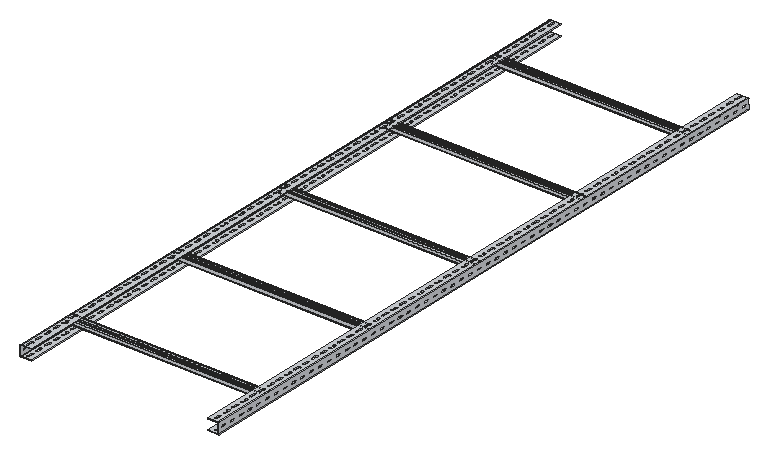
Revit family "steigeleiter_900_FT", category Generic Models, Revit 2017 (continued)
Forms (mm)
  Extrusion 151, void
    sketch origin (0, 1550, 0) x (0, 1, 0) y (0, 0, 1)
      loop
        line (15.5, 19.5) -> (34.5, 19.5)
        arc (34.5, 19.5) -> (40, 25) -> (34.5, 30.5) r 5.5
        line (34.5, 30.5) -> (15.5, 30.5)
    from 447.5 to 450
  Extrusion 152, void
    sketch origin (0, 1600, 0) x (0, 1, 0) y (0, 0, 1)
      loop
        arc (15.5, 30.5) -> (10, 25) -> (15.5, 19.5) r 5.5
        line (15.5, 19.5) -> (34.5, 19.5)
        arc (34.5, 19.5) -> (40, 25) -> (34.5, 30.5) r 5.5
        line (34.5, 30.5) -> (15.5, 30.5)
    from 447.5 to 450
  Extrusion 153, void
    sketch origin (0, 1650, 0) x (0, 1, 0) y (0, 0, 1)
      loop
        arc (15.5, 30.5) -> (10, 25) -> (15.5, 19.5) r 5.5
        line (15.5, 19.5) -> (34.5, 19.5)
        arc (34.5, 19.5) -> (40, 25) -> (34.5, 30.5) r 5.5
        line (34.5, 30.5) -> (15.5, 30.5)
    from 447.5 to 450
  Extrusion 154, void
    sketch origin (0, 1700, 0) x (0, 1, 0) y (0, 0, 1)
      loop
        arc (15.5, 30.5) -> (10, 25) -> (15.5, 19.5) r 5.5
        line (15.5, 19.5) -> (34.5, 19.5)
        arc (34.5, 19.5) -> (40, 25) -> (34.5, 30.5) r 5.5
        line (34.5, 30.5) -> (15.5, 30.5)
    from 447.5 to 450
  Extrusion 155, void
    sketch origin (0, 1750, 0) x (0, 1, 0) y (0, 0, 1)
      loop
        arc (15.5, 30.5) -> (10, 25) -> (15.5, 19.5) r 5.5
        line (15.5, 19.5) -> (34.5, 19.5)
        arc (34.5, 19.5) -> (40, 25) -> (34.5, 30.5) r 5.5
        line (34.5, 30.5) -> (15.5, 30.5)
    from 447.5 to 450
  Extrusion 156, void
    sketch origin (0, 1800, 0) x (0, 1, 0) y (0, 0, 1)
      loop
        arc (15.5, 30.5) -> (10, 25) -> (15.5, 19.5) r 5.5
        line (15.5, 19.5) -> (34.5, 19.5)
        arc (34.5, 19.5) -> (40, 25) -> (34.5, 30.5) r 5.5
        line (34.5, 30.5) -> (15.5, 30.5)
    from 447.5 to 450
  Extrusion 157, void
    sketch origin (0, 1850, 0) x (0, 1, 0) y (0, 0, 1)
      loop
        arc (15.5, 30.5) -> (10, 25) -> (15.5, 19.5) r 5.5
        line (15.5, 19.5) -> (34.5, 19.5)
        arc (34.5, 19.5) -> (40, 25) -> (34.5, 30.5) r 5.5
        line (34.5, 30.5) -> (15.5, 30.5)
    from 447.5 to 450
  Extrusion 158, void
    sketch origin (0, 1900, 0) x (0, 1, 0) y (0, 0, 1)
      loop
        arc (15.5, 30.5) -> (10, 25) -> (15.5, 19.5) r 5.5
        line (15.5, 19.5) -> (34.5, 19.5)
        arc (34.5, 19.5) -> (40, 25) -> (34.5, 30.5) r 5.5
        line (34.5, 30.5) -> (15.5, 30.5)
    from 447.5 to 450
  Extrusion 159, void
    sketch origin (0, 1950, 0) x (0, 1, 0) y (0, 0, 1)
      loop
        arc (15.5, 30.5) -> (10, 25) -> (15.5, 19.5) r 5.5
        line (15.5, 19.5) -> (34.5, 19.5)
        arc (34.5, 19.5) -> (40, 25) -> (34.5, 30.5) r 5.5
        line (34.5, 30.5) -> (15.5, 30.5)
    from 447.5 to 450
  Extrusion 160, void
    sketch origin (0, 2000, 0) x (0, 1, 0) y (0, 0, 1)
      loop
        arc (15.5, 30.5) -> (10, 25) -> (15.5, 19.5) r 5.5
        line (15.5, 19.5) -> (34.5, 19.5)
        arc (34.5, 19.5) -> (40, 25) -> (34.5, 30.5) r 5.5
        line (34.5, 30.5) -> (15.5, 30.5)
    from 447.5 to 450
  Extrusion 161, void
    sketch origin (0, 2050, 0) x (0, 1, 0) y (0, 0, 1)
      loop
        arc (15.5, 30.5) -> (10, 25) -> (15.5, 19.5) r 5.5
        line (15.5, 19.5) -> (34.5, 19.5)
        arc (34.5, 19.5) -> (40, 25) -> (34.5, 30.5) r 5.5
        line (34.5, 30.5) -> (15.5, 30.5)
    from 447.5 to 450
  Extrusion 162, void
    sketch origin (0, 2100, 0) x (0, 1, 0) y (0, 0, 1)
      loop
        arc (15.5, 30.5) -> (10, 25) -> (15.5, 19.5) r 5.5
        line (15.5, 19.5) -> (34.5, 19.5)
        arc (34.5, 19.5) -> (40, 25) -> (34.5, 30.5) r 5.5
        line (34.5, 30.5) -> (15.5, 30.5)
    from 447.5 to 450
  Extrusion 163, void
    sketch origin (0, 2150, 0) x (0, 1, 0) y (0, 0, 1)
      loop
        arc (15.5, 30.5) -> (10, 25) -> (15.5, 19.5) r 5.5
        line (15.5, 19.5) -> (34.5, 19.5)
        arc (34.5, 19.5) -> (40, 25) -> (34.5, 30.5) r 5.5
        line (34.5, 30.5) -> (15.5, 30.5)
    from 447.5 to 450
  Extrusion 164, void
    sketch origin (0, 2200, 0) x (0, 1, 0) y (0, 0, 1)
      loop
        arc (15.5, 30.5) -> (10, 25) -> (15.5, 19.5) r 5.5
        line (15.5, 19.5) -> (34.5, 19.5)
        arc (34.5, 19.5) -> (40, 25) -> (34.5, 30.5) r 5.5
        line (34.5, 30.5) -> (15.5, 30.5)
    from 447.5 to 450
  Extrusion 165, void
    sketch origin (0, 2250, 0) x (0, 1, 0) y (0, 0, 1)
      loop
        arc (15.5, 30.5) -> (10, 25) -> (15.5, 19.5) r 5.5
        line (15.5, 19.5) -> (34.5, 19.5)
        arc (34.5, 19.5) -> (40, 25) -> (34.5, 30.5) r 5.5
        line (34.5, 30.5) -> (15.5, 30.5)
    from 447.5 to 450
  Extrusion 166, void
    sketch origin (0, 2300, 0) x (0, 1, 0) y (0, 0, 1)
      loop
        arc (15.5, 30.5) -> (10, 25) -> (15.5, 19.5) r 5.5
        line (15.5, 19.5) -> (34.5, 19.5)
        arc (34.5, 19.5) -> (40, 25) -> (34.5, 30.5) r 5.5
        line (34.5, 30.5) -> (15.5, 30.5)
    from 447.5 to 450
  Extrusion 167, void
    sketch origin (0, 2350, 0) x (0, 1, 0) y (0, 0, 1)
      loop
        arc (15.5, 30.5) -> (10, 25) -> (15.5, 19.5) r 5.5
        line (15.5, 19.5) -> (34.5, 19.5)
        arc (34.5, 19.5) -> (40, 25) -> (34.5, 30.5) r 5.5
        line (34.5, 30.5) -> (15.5, 30.5)
    from 447.5 to 450
  Extrusion 168, void
    sketch origin (0, 2400, 0) x (0, 1, 0) y (0, 0, 1)
      loop
        arc (15.5, 30.5) -> (10, 25) -> (15.5, 19.5) r 5.5
        line (15.5, 19.5) -> (34.5, 19.5)
        arc (34.5, 19.5) -> (40, 25) -> (34.5, 30.5) r 5.5
        line (34.5, 30.5) -> (15.5, 30.5)
    from 447.5 to 450
  Extrusion 169, void
    sketch origin (0, 2450, 0) x (0, 1, 0) y (0, 0, 1)
      loop
        arc (15.5, 30.5) -> (10, 25) -> (15.5, 19.5) r 5.5
        line (15.5, 19.5) -> (34.5, 19.5)
        arc (34.5, 19.5) -> (40, 25) -> (34.5, 30.5) r 5.5
        line (34.5, 30.5) -> (15.5, 30.5)
    from 447.5 to 450
  Extrusion 170, void
    sketch origin (0, 2500, 0) x (0, 1, 0) y (0, 0, 1)
      loop
        arc (15.5, 30.5) -> (10, 25) -> (15.5, 19.5) r 5.5
        line (15.5, 19.5) -> (34.5, 19.5)
        arc (34.5, 19.5) -> (40, 25) -> (34.5, 30.5) r 5.5
        line (34.5, 30.5) -> (15.5, 30.5)
    from 447.5 to 450
  Extrusion 171, void
    sketch origin (0, 2550, 0) x (0, 1, 0) y (0, 0, 1)
      loop
        arc (15.5, 30.5) -> (10, 25) -> (15.5, 19.5) r 5.5
        line (15.5, 19.5) -> (34.5, 19.5)
        arc (34.5, 19.5) -> (40, 25) -> (34.5, 30.5) r 5.5
        line (34.5, 30.5) -> (15.5, 30.5)
    from 447.5 to 450
  Extrusion 172, void
    sketch origin (0, 2600, 0) x (0, 1, 0) y (0, 0, 1)
      loop
        arc (15.5, 30.5) -> (10, 25) -> (15.5, 19.5) r 5.5
        line (15.5, 19.5) -> (34.5, 19.5)
        arc (34.5, 19.5) -> (40, 25) -> (34.5, 30.5) r 5.5
        line (34.5, 30.5) -> (15.5, 30.5)
    from 447.5 to 450
  Extrusion 173, void
    sketch origin (0, 2650, 0) x (0, 1, 0) y (0, 0, 1)
      loop
        arc (15.5, 30.5) -> (10, 25) -> (15.5, 19.5) r 5.5
        line (15.5, 19.5) -> (34.5, 19.5)
        arc (34.5, 19.5) -> (40, 25) -> (34.5, 30.5) r 5.5
        line (34.5, 30.5) -> (15.5, 30.5)
    from 447.5 to 450
  Extrusion 174, void
    sketch origin (0, 2700, 0) x (0, 1, 0) y (0, 0, 1)
      loop
        arc (15.5, 30.5) -> (10, 25) -> (15.5, 19.5) r 5.5
        line (15.5, 19.5) -> (34.5, 19.5)
        arc (34.5, 19.5) -> (40, 25) -> (34.5, 30.5) r 5.5
        line (34.5, 30.5) -> (15.5, 30.5)
    from 447.5 to 450
  Extrusion 175, void
    sketch origin (0, 2750, 0) x (0, 1, 0) y (0, 0, 1)
      loop
        arc (15.5, 30.5) -> (10, 25) -> (15.5, 19.5) r 5.5
        line (15.5, 19.5) -> (34.5, 19.5)
        arc (34.5, 19.5) -> (40, 25) -> (34.5, 30.5) r 5.5
        line (34.5, 30.5) -> (15.5, 30.5)
    from 447.5 to 450
  Extrusion 176, void
    sketch origin (0, 2800, 0) x (0, 1, 0) y (0, 0, 1)
      loop
        arc (15.5, 30.5) -> (10, 25) -> (15.5, 19.5) r 5.5
        line (15.5, 19.5) -> (34.5, 19.5)
        arc (34.5, 19.5) -> (40, 25) -> (34.5, 30.5) r 5.5
        line (34.5, 30.5) -> (15.5, 30.5)
    from 447.5 to 450
  Extrusion 177, void
    sketch origin (0, 2850, 0) x (0, 1, 0) y (0, 0, 1)
      loop
        arc (15.5, 30.5) -> (10, 25) -> (15.5, 19.5) r 5.5
        line (15.5, 19.5) -> (34.5, 19.5)
        arc (34.5, 19.5) -> (40, 25) -> (34.5, 30.5) r 5.5
        line (34.5, 30.5) -> (15.5, 30.5)
    from 447.5 to 450
  Extrusion 178, void
    sketch origin (0, 2900, 0) x (0, 1, 0) y (0, 0, 1)
      loop
        arc (15.5, 30.5) -> (10, 25) -> (15.5, 19.5) r 5.5
        line (15.5, 19.5) -> (34.5, 19.5)
        arc (34.5, 19.5) -> (40, 25) -> (34.5, 30.5) r 5.5
        line (34.5, 30.5) -> (15.5, 30.5)
    from 447.5 to 450
  Extrusion 179, void
    sketch origin (0, 2950, 0) x (0, 1, 0) y (0, 0, 1)
      loop
        arc (15.5, 30.5) -> (10, 25) -> (15.5, 19.5) r 5.5
        line (15.5, 19.5) -> (34.5, 19.5)
        arc (34.5, 19.5) -> (40, 25) -> (34.5, 30.5) r 5.5
        line (34.5, 30.5) -> (15.5, 30.5)
    from 447.5 to 450
  Extrusion 180, void
    sketch origin (0, 0, 0) x (0, 1, 0) y (0, 0, 1)
      loop
        arc (15.5, 30.5) -> (10, 25) -> (15.5, 19.5) r 5.5
        line (15.5, 19.5) -> (34.5, 19.5)
        arc (34.5, 19.5) -> (40, 25) -> (34.5, 30.5) r 5.5
        line (34.5, 30.5) -> (15.5, 30.5)
    from 447.5 to 450
  Extrusion 181, void
    sketch origin (0, 50, 0) x (0, 1, 0) y (0, 0, 1)
      loop
        line (34.5, 30.5) -> (15.5, 30.5)
        arc (15.5, 30.5) -> (10, 25) -> (15.5, 19.5) r 5.5
        line (15.5, 19.5) -> (34.5, 19.5)
        arc (34.5, 19.5) -> (40, 25) -> (34.5, 30.5) r 5.5
    from -450 to -447.5
  Extrusion 182, void
    sketch origin (0, 100, 0) x (0, 1, 0) y (0, 0, 1)
      loop
        line (34.5, 30.5) -> (15.5, 30.5)
        arc (15.5, 30.5) -> (10, 25) -> (15.5, 19.5) r 5.5
        line (15.5, 19.5) -> (34.5, 19.5)
        arc (34.5, 19.5) -> (40, 25) -> (34.5, 30.5) r 5.5
    from -450 to -447.5
  Extrusion 183, void
    sketch origin (0, 150, 0) x (0, 1, 0) y (0, 0, 1)
      loop
        line (34.5, 30.5) -> (15.5, 30.5)
        arc (15.5, 30.5) -> (10, 25) -> (15.5, 19.5) r 5.5
        line (15.5, 19.5) -> (34.5, 19.5)
        arc (34.5, 19.5) -> (40, 25) -> (34.5, 30.5) r 5.5
    from -450 to -447.5
  Extrusion 184, void
    sketch origin (0, 200, 0) x (0, 1, 0) y (0, 0, 1)
      loop
        line (34.5, 30.5) -> (15.5, 30.5)
        arc (15.5, 30.5) -> (10, 25) -> (15.5, 19.5) r 5.5
        line (15.5, 19.5) -> (34.5, 19.5)
        arc (34.5, 19.5) -> (40, 25) -> (34.5, 30.5) r 5.5
    from -450 to -447.5
  Extrusion 185, void
    sketch origin (0, 250, 0) x (0, 1, 0) y (0, 0, 1)
      loop
        line (34.5, 30.5) -> (15.5, 30.5)
        arc (15.5, 30.5) -> (10, 25) -> (15.5, 19.5) r 5.5
        line (15.5, 19.5) -> (34.5, 19.5)
        arc (34.5, 19.5) -> (40, 25) -> (34.5, 30.5) r 5.5
    from -450 to -447.5
  Extrusion 186, void
    sketch origin (0, 300, 0) x (0, 1, 0) y (0, 0, 1)
      loop
        line (34.5, 30.5) -> (15.5, 30.5)
        arc (15.5, 30.5) -> (10, 25) -> (15.5, 19.5) r 5.5
        line (15.5, 19.5) -> (34.5, 19.5)
        arc (34.5, 19.5) -> (40, 25) -> (34.5, 30.5) r 5.5
    from -450 to -447.5
  Extrusion 187, void
    sketch origin (0, 350, 0) x (0, 1, 0) y (0, 0, 1)
      loop
        line (34.5, 30.5) -> (15.5, 30.5)
        arc (15.5, 30.5) -> (10, 25) -> (15.5, 19.5) r 5.5
        line (15.5, 19.5) -> (34.5, 19.5)
        arc (34.5, 19.5) -> (40, 25) -> (34.5, 30.5) r 5.5
    from -450 to -447.5
  Extrusion 188, void
    sketch origin (0, 400, 0) x (0, 1, 0) y (0, 0, 1)
      loop
        line (34.5, 30.5) -> (15.5, 30.5)
        arc (15.5, 30.5) -> (10, 25) -> (15.5, 19.5) r 5.5
        line (15.5, 19.5) -> (34.5, 19.5)
        arc (34.5, 19.5) -> (40, 25) -> (34.5, 30.5) r 5.5
    from -450 to -447.5
  Extrusion 189, void
    sketch origin (0, 450, 0) x (0, 1, 0) y (0, 0, 1)
      loop
        line (34.5, 30.5) -> (15.5, 30.5)
        arc (15.5, 30.5) -> (10, 25) -> (15.5, 19.5) r 5.5
        line (15.5, 19.5) -> (34.5, 19.5)
        arc (34.5, 19.5) -> (40, 25) -> (34.5, 30.5) r 5.5
    from -450 to -447.5
  Extrusion 190, void
    sketch origin (0, 500, 0) x (0, 1, 0) y (0, 0, 1)
      loop
        line (34.5, 30.5) -> (15.5, 30.5)
        arc (15.5, 30.5) -> (10, 25) -> (15.5, 19.5) r 5.5
        line (15.5, 19.5) -> (34.5, 19.5)
        arc (34.5, 19.5) -> (40, 25) -> (34.5, 30.5) r 5.5
    from -450 to -447.5
  Extrusion 191, void
    sketch origin (0, 550, 0) x (0, 1, 0) y (0, 0, 1)
      loop
        line (34.5, 30.5) -> (15.5, 30.5)
        arc (15.5, 30.5) -> (10, 25) -> (15.5, 19.5) r 5.5
        line (15.5, 19.5) -> (34.5, 19.5)
        arc (34.5, 19.5) -> (40, 25) -> (34.5, 30.5) r 5.5
    from -450 to -447.5
  Extrusion 192, void
    sketch origin (0, 600, 0) x (0, 1, 0) y (0, 0, 1)
      loop
        line (34.5, 30.5) -> (15.5, 30.5)
        arc (15.5, 30.5) -> (10, 25) -> (15.5, 19.5) r 5.5
        line (15.5, 19.5) -> (34.5, 19.5)
        arc (34.5, 19.5) -> (40, 25) -> (34.5, 30.5) r 5.5
    from -450 to -447.5
  Extrusion 193, void
    sketch origin (0, 650, 0) x (0, 1, 0) y (0, 0, 1)
      loop
        line (34.5, 30.5) -> (15.5, 30.5)
        arc (15.5, 30.5) -> (10, 25) -> (15.5, 19.5) r 5.5
        line (15.5, 19.5) -> (34.5, 19.5)
        arc (34.5, 19.5) -> (40, 25) -> (34.5, 30.5) r 5.5
    from -450 to -447.5
  Extrusion 194, void
    sketch origin (0, 700, 0) x (0, 1, 0) y (0, 0, 1)
      loop
        line (34.5, 30.5) -> (15.5, 30.5)
        arc (15.5, 30.5) -> (10, 25) -> (15.5, 19.5) r 5.5
        line (15.5, 19.5) -> (34.5, 19.5)
        arc (34.5, 19.5) -> (40, 25) -> (34.5, 30.5) r 5.5
    from -450 to -447.5
  Extrusion 195, void
    sketch origin (0, 750, 0) x (0, 1, 0) y (0, 0, 1)
      loop
        line (34.5, 30.5) -> (15.5, 30.5)
        arc (15.5, 30.5) -> (10, 25) -> (15.5, 19.5) r 5.5
        line (15.5, 19.5) -> (34.5, 19.5)
        arc (34.5, 19.5) -> (40, 25) -> (34.5, 30.5) r 5.5
    from -450 to -447.5
  Extrusion 196, void
    sketch origin (0, 800, 0) x (0, 1, 0) y (0, 0, 1)
      loop
        line (34.5, 30.5) -> (15.5, 30.5)
        arc (15.5, 30.5) -> (10, 25) -> (15.5, 19.5) r 5.5
        line (15.5, 19.5) -> (34.5, 19.5)
        arc (34.5, 19.5) -> (40, 25) -> (34.5, 30.5) r 5.5
    from -450 to -447.5
  Extrusion 197, void
    sketch origin (0, 850, 0) x (0, 1, 0) y (0, 0, 1)
      loop
        line (34.5, 30.5) -> (15.5, 30.5)
        arc (15.5, 30.5) -> (10, 25) -> (15.5, 19.5) r 5.5
        line (15.5, 19.5) -> (34.5, 19.5)
        arc (34.5, 19.5) -> (40, 25) -> (34.5, 30.5) r 5.5
    from -450 to -447.5
  Extrusion 198, void
    sketch origin (0, 900, 0) x (0, 1, 0) y (0, 0, 1)
      loop
        line (34.5, 30.5) -> (15.5, 30.5)
        arc (15.5, 30.5) -> (10, 25) -> (15.5, 19.5) r 5.5
        line (15.5, 19.5) -> (34.5, 19.5)
        arc (34.5, 19.5) -> (40, 25) -> (34.5, 30.5) r 5.5
    from -450 to -447.5
  Extrusion 199, void
    sketch origin (0, 950, 0) x (0, 1, 0) y (0, 0, 1)
      loop
        line (34.5, 30.5) -> (15.5, 30.5)
        arc (15.5, 30.5) -> (10, 25) -> (15.5, 19.5) r 5.5
        line (15.5, 19.5) -> (34.5, 19.5)
        arc (34.5, 19.5) -> (40, 25) -> (34.5, 30.5) r 5.5
    from -450 to -447.5
  Extrusion 200, void
    sketch origin (0, 1000, 0) x (0, 1, 0) y (0, 0, 1)
      loop
        line (34.5, 30.5) -> (15.5, 30.5)
        arc (15.5, 30.5) -> (10, 25) -> (15.5, 19.5) r 5.5
        line (15.5, 19.5) -> (34.5, 19.5)
        arc (34.5, 19.5) -> (40, 25) -> (34.5, 30.5) r 5.5
    from -450 to -447.5
  Extrusion 201, void
    sketch origin (0, 1050, 0) x (0, 1, 0) y (0, 0, 1)
      loop
        line (34.5, 30.5) -> (15.5, 30.5)
        arc (15.5, 30.5) -> (10, 25) -> (15.5, 19.5) r 5.5
        line (15.5, 19.5) -> (34.5, 19.5)
        arc (34.5, 19.5) -> (40, 25) -> (34.5, 30.5) r 5.5
    from -450 to -447.5
  Extrusion 202, void
    sketch origin (0, 1100, 0) x (0, 1, 0) y (0, 0, 1)
      loop
        line (34.5, 30.5) -> (15.5, 30.5)
        arc (15.5, 30.5) -> (10, 25) -> (15.5, 19.5) r 5.5
        line (15.5, 19.5) -> (34.5, 19.5)
        arc (34.5, 19.5) -> (40, 25) -> (34.5, 30.5) r 5.5
    from -450 to -447.5
  Extrusion 203, void
    sketch origin (0, 1150, 0) x (0, 1, 0) y (0, 0, 1)
      loop
        line (34.5, 30.5) -> (15.5, 30.5)
        arc (15.5, 30.5) -> (10, 25) -> (15.5, 19.5) r 5.5
        line (15.5, 19.5) -> (34.5, 19.5)
        arc (34.5, 19.5) -> (40, 25) -> (34.5, 30.5) r 5.5
    from -450 to -447.5
  Extrusion 204, void
    sketch origin (0, 1200, 0) x (0, 1, 0) y (0, 0, 1)
      loop
        line (34.5, 30.5) -> (15.5, 30.5)
        arc (15.5, 30.5) -> (10, 25) -> (15.5, 19.5) r 5.5
        line (15.5, 19.5) -> (34.5, 19.5)
        arc (34.5, 19.5) -> (40, 25) -> (34.5, 30.5) r 5.5
    from -450 to -447.5
  Extrusion 205, void
    sketch origin (0, 1250, 0) x (0, 1, 0) y (0, 0, 1)
      loop
        line (34.5, 30.5) -> (15.5, 30.5)
        arc (15.5, 30.5) -> (10, 25) -> (15.5, 19.5) r 5.5
        line (15.5, 19.5) -> (34.5, 19.5)
        arc (34.5, 19.5) -> (40, 25) -> (34.5, 30.5) r 5.5
    from -450 to -447.5
  Extrusion 206, void
    sketch origin (0, 1300, 0) x (0, 1, 0) y (0, 0, 1)
      loop
        line (34.5, 30.5) -> (15.5, 30.5)
        arc (15.5, 30.5) -> (10, 25) -> (15.5, 19.5) r 5.5
        line (15.5, 19.5) -> (34.5, 19.5)
        arc (34.5, 19.5) -> (40, 25) -> (34.5, 30.5) r 5.5
    from -450 to -447.5
  Extrusion 207, void
    sketch origin (0, 1350, 0) x (0, 1, 0) y (0, 0, 1)
      loop
        line (34.5, 30.5) -> (15.5, 30.5)
        arc (15.5, 30.5) -> (10, 25) -> (15.5, 19.5) r 5.5
        line (15.5, 19.5) -> (34.5, 19.5)
        arc (34.5, 19.5) -> (40, 25) -> (34.5, 30.5) r 5.5
    from -450 to -447.5
  Extrusion 208, void
    sketch origin (0, 1400, 0) x (0, 1, 0) y (0, 0, 1)
      loop
        line (34.5, 30.5) -> (15.5, 30.5)
        arc (15.5, 30.5) -> (10, 25) -> (15.5, 19.5) r 5.5
        line (15.5, 19.5) -> (34.5, 19.5)
        arc (34.5, 19.5) -> (40, 25) -> (34.5, 30.5) r 5.5
    from -450 to -447.5
  Extrusion 209, void
    sketch origin (0, 1450, 0) x (0, 1, 0) y (0, 0, 1)
      loop
        line (34.5, 30.5) -> (15.5, 30.5)
        arc (15.5, 30.5) -> (10, 25) -> (15.5, 19.5) r 5.5
        line (15.5, 19.5) -> (34.5, 19.5)
        arc (34.5, 19.5) -> (40, 25) -> (34.5, 30.5) r 5.5
    from -450 to -447.5
  Extrusion 210, void
    sketch origin (0, 1500, 0) x (0, 1, 0) y (0, 0, 1)
      loop
        line (34.5, 30.5) -> (15.5, 30.5)
        arc (15.5, 30.5) -> (10, 25) -> (15.5, 19.5) r 5.5
        line (15.5, 19.5) -> (34.5, 19.5)
        arc (34.5, 19.5) -> (40, 25) -> (34.5, 30.5) r 5.5
    from -450 to -447.5
  Extrusion 211, void
    sketch origin (0, 1550, 0) x (0, 1, 0) y (0, 0, 1)
      loop
        line (34.5, 30.5) -> (15.5, 30.5)
        arc (15.5, 30.5) -> (10, 25) -> (15.5, 19.5) r 5.5
        line (15.5, 19.5) -> (34.5, 19.5)
        arc (34.5, 19.5) -> (40, 25) -> (34.5, 30.5) r 5.5
    from -450 to -447.5
  Extrusion 212, void
    sketch origin (0, 1600, 0) x (0, 1, 0) y (0, 0, 1)
      loop
        line (34.5, 30.5) -> (15.5, 30.5)
        arc (15.5, 30.5) -> (10, 25) -> (15.5, 19.5) r 5.5
        line (15.5, 19.5) -> (34.5, 19.5)
        arc (34.5, 19.5) -> (40, 25) -> (34.5, 30.5) r 5.5
    from -450 to -447.5
  Extrusion 213, void
    sketch origin (0, 1650, 0) x (0, 1, 0) y (0, 0, 1)
      loop
        line (34.5, 30.5) -> (15.5, 30.5)
        arc (15.5, 30.5) -> (10, 25) -> (15.5, 19.5) r 5.5
        line (15.5, 19.5) -> (34.5, 19.5)
        arc (34.5, 19.5) -> (40, 25) -> (34.5, 30.5) r 5.5
    from -450 to -447.5
  Extrusion 214, void
    sketch origin (0, 1700, 0) x (0, 1, 0) y (0, 0, 1)
      loop
        line (34.5, 30.5) -> (15.5, 30.5)
        arc (15.5, 30.5) -> (10, 25) -> (15.5, 19.5) r 5.5
        line (15.5, 19.5) -> (34.5, 19.5)
        arc (34.5, 19.5) -> (40, 25) -> (34.5, 30.5) r 5.5
    from -450 to -447.5
  Extrusion 215, void
    sketch origin (0, 1750, 0) x (0, 1, 0) y (0, 0, 1)
      loop
        line (34.5, 30.5) -> (15.5, 30.5)
        arc (15.5, 30.5) -> (10, 25) -> (15.5, 19.5) r 5.5
        line (15.5, 19.5) -> (34.5, 19.5)
        arc (34.5, 19.5) -> (40, 25) -> (34.5, 30.5) r 5.5
    from -450 to -447.5
  Extrusion 216, void
    sketch origin (0, 1800, 0) x (0, 1, 0) y (0, 0, 1)
      loop
        line (34.5, 30.5) -> (15.5, 30.5)
        arc (15.5, 30.5) -> (10, 25) -> (15.5, 19.5) r 5.5
        line (15.5, 19.5) -> (34.5, 19.5)
        arc (34.5, 19.5) -> (40, 25) -> (34.5, 30.5) r 5.5
    from -450 to -447.5
  Extrusion 217, void
    sketch origin (0, 1850, 0) x (0, 1, 0) y (0, 0, 1)
      loop
        line (34.5, 30.5) -> (15.5, 30.5)
        arc (15.5, 30.5) -> (10, 25) -> (15.5, 19.5) r 5.5
        line (15.5, 19.5) -> (34.5, 19.5)
        arc (34.5, 19.5) -> (40, 25) -> (34.5, 30.5) r 5.5
    from -450 to -447.5
  Extrusion 218, void
    sketch origin (0, 1900, 0) x (0, 1, 0) y (0, 0, 1)
      loop
        line (34.5, 30.5) -> (15.5, 30.5)
        arc (15.5, 30.5) -> (10, 25) -> (15.5, 19.5) r 5.5
        line (15.5, 19.5) -> (34.5, 19.5)
        arc (34.5, 19.5) -> (40, 25) -> (34.5, 30.5) r 5.5
    from -450 to -447.5
  Extrusion 219, void
    sketch origin (0, 1950, 0) x (0, 1, 0) y (0, 0, 1)
      loop
        line (34.5, 30.5) -> (15.5, 30.5)
        arc (15.5, 30.5) -> (10, 25) -> (15.5, 19.5) r 5.5
        line (15.5, 19.5) -> (34.5, 19.5)
        arc (34.5, 19.5) -> (40, 25) -> (34.5, 30.5) r 5.5
    from -450 to -447.5
  Extrusion 220, void
    sketch origin (0, 2000, 0) x (0, 1, 0) y (0, 0, 1)
      loop
        line (34.5, 30.5) -> (15.5, 30.5)
        arc (15.5, 30.5) -> (10, 25) -> (15.5, 19.5) r 5.5
        line (15.5, 19.5) -> (34.5, 19.5)
        arc (34.5, 19.5) -> (40, 25) -> (34.5, 30.5) r 5.5
    from -450 to -447.5
  Extrusion 221, void
    sketch origin (0, 2050, 0) x (0, 1, 0) y (0, 0, 1)
      loop
        line (34.5, 30.5) -> (15.5, 30.5)
        arc (15.5, 30.5) -> (10, 25) -> (15.5, 19.5) r 5.5
        line (15.5, 19.5) -> (34.5, 19.5)
        arc (34.5, 19.5) -> (40, 25) -> (34.5, 30.5) r 5.5
    from -450 to -447.5
  Extrusion 222, void
    sketch origin (0, 2100, 0) x (0, 1, 0) y (0, 0, 1)
      loop
        line (34.5, 30.5) -> (15.5, 30.5)
        arc (15.5, 30.5) -> (10, 25) -> (15.5, 19.5) r 5.5
        line (15.5, 19.5) -> (34.5, 19.5)
        arc (34.5, 19.5) -> (40, 25) -> (34.5, 30.5) r 5.5
    from -450 to -447.5
  Extrusion 223, void
    sketch origin (0, 2150, 0) x (0, 1, 0) y (0, 0, 1)
      loop
        line (34.5, 30.5) -> (15.5, 30.5)
        arc (15.5, 30.5) -> (10, 25) -> (15.5, 19.5) r 5.5
        line (15.5, 19.5) -> (34.5, 19.5)
        arc (34.5, 19.5) -> (40, 25) -> (34.5, 30.5) r 5.5
    from -450 to -447.5
  Extrusion 224, void
    sketch origin (0, 2200, 0) x (0, 1, 0) y (0, 0, 1)
      loop
        line (34.5, 30.5) -> (15.5, 30.5)
        arc (15.5, 30.5) -> (10, 25) -> (15.5, 19.5) r 5.5
        line (15.5, 19.5) -> (34.5, 19.5)
        arc (34.5, 19.5) -> (40, 25) -> (34.5, 30.5) r 5.5
    from -450 to -447.5
  Extrusion 225, void
    sketch origin (0, 2250, 0) x (0, 1, 0) y (0, 0, 1)
      loop
        line (34.5, 30.5) -> (15.5, 30.5)
        arc (15.5, 30.5) -> (10, 25) -> (15.5, 19.5) r 5.5
        line (15.5, 19.5) -> (34.5, 19.5)
        arc (34.5, 19.5) -> (40, 25) -> (34.5, 30.5) r 5.5
    from -450 to -447.5
  Extrusion 226, void
    sketch origin (0, 2300, 0) x (0, 1, 0) y (0, 0, 1)
      loop
        line (34.5, 30.5) -> (15.5, 30.5)
        arc (15.5, 30.5) -> (10, 25) -> (15.5, 19.5) r 5.5
        line (15.5, 19.5) -> (34.5, 19.5)
        arc (34.5, 19.5) -> (40, 25) -> (34.5, 30.5) r 5.5
    from -450 to -447.5
  Extrusion 227, void
    sketch origin (0, 2350, 0) x (0, 1, 0) y (0, 0, 1)
      loop
        line (34.5, 30.5) -> (15.5, 30.5)
        arc (15.5, 30.5) -> (10, 25) -> (15.5, 19.5) r 5.5
        line (15.5, 19.5) -> (34.5, 19.5)
        arc (34.5, 19.5) -> (40, 25) -> (34.5, 30.5) r 5.5
    from -450 to -447.5
  Extrusion 228, void
    sketch origin (0, 2400, 0) x (0, 1, 0) y (0, 0, 1)
      loop
        line (34.5, 30.5) -> (15.5, 30.5)
        arc (15.5, 30.5) -> (10, 25) -> (15.5, 19.5) r 5.5
        line (15.5, 19.5) -> (34.5, 19.5)
        arc (34.5, 19.5) -> (40, 25) -> (34.5, 30.5) r 5.5
    from -450 to -447.5
  Extrusion 229, void
    sketch origin (0, 2450, 0) x (0, 1, 0) y (0, 0, 1)
      loop
        line (34.5, 30.5) -> (15.5, 30.5)
        arc (15.5, 30.5) -> (10, 25) -> (15.5, 19.5) r 5.5
        line (15.5, 19.5) -> (34.5, 19.5)
        arc (34.5, 19.5) -> (40, 25) -> (34.5, 30.5) r 5.5
    from -450 to -447.5
  Extrusion 230, void
    sketch origin (0, 2500, 0) x (0, 1, 0) y (0, 0, 1)
      loop
        line (34.5, 30.5) -> (15.5, 30.5)
        arc (15.5, 30.5) -> (10, 25) -> (15.5, 19.5) r 5.5
        line (15.5, 19.5) -> (34.5, 19.5)
        arc (34.5, 19.5) -> (40, 25) -> (34.5, 30.5) r 5.5
    from -450 to -447.5
  Extrusion 231, void
    sketch origin (0, 2550, 0) x (0, 1, 0) y (0, 0, 1)
      loop
        line (34.5, 30.5) -> (15.5, 30.5)
        arc (15.5, 30.5) -> (10, 25) -> (15.5, 19.5) r 5.5
        line (15.5, 19.5) -> (34.5, 19.5)
        arc (34.5, 19.5) -> (40, 25) -> (34.5, 30.5) r 5.5
    from -450 to -447.5
  Extrusion 232, void
    sketch origin (0, 2600, 0) x (0, 1, 0) y (0, 0, 1)
      loop
        line (34.5, 30.5) -> (15.5, 30.5)
        arc (15.5, 30.5) -> (10, 25) -> (15.5, 19.5) r 5.5
        line (15.5, 19.5) -> (34.5, 19.5)
        arc (34.5, 19.5) -> (40, 25) -> (34.5, 30.5) r 5.5
    from -450 to -447.5
  Extrusion 233, void
    sketch origin (0, 2650, 0) x (0, 1, 0) y (0, 0, 1)
      loop
        line (34.5, 30.5) -> (15.5, 30.5)
        arc (15.5, 30.5) -> (10, 25) -> (15.5, 19.5) r 5.5
        line (15.5, 19.5) -> (34.5, 19.5)
        arc (34.5, 19.5) -> (40, 25) -> (34.5, 30.5) r 5.5
    from -450 to -447.5
  Extrusion 234, void
    sketch origin (0, 2700, 0) x (0, 1, 0) y (0, 0, 1)
      loop
        line (34.5, 30.5) -> (15.5, 30.5)
        arc (15.5, 30.5) -> (10, 25) -> (15.5, 19.5) r 5.5
        line (15.5, 19.5) -> (34.5, 19.5)
        arc (34.5, 19.5) -> (40, 25) -> (34.5, 30.5) r 5.5
    from -450 to -447.5
  Extrusion 235, void
    sketch origin (0, 2750, 0) x (0, 1, 0) y (0, 0, 1)
      loop
        line (34.5, 30.5) -> (15.5, 30.5)
        arc (15.5, 30.5) -> (10, 25) -> (15.5, 19.5) r 5.5
        line (15.5, 19.5) -> (34.5, 19.5)
        arc (34.5, 19.5) -> (40, 25) -> (34.5, 30.5) r 5.5
    from -450 to -447.5
  Extrusion 236, void
    sketch origin (0, 2800, 0) x (0, 1, 0) y (0, 0, 1)
      loop
        line (34.5, 30.5) -> (15.5, 30.5)
        arc (15.5, 30.5) -> (10, 25) -> (15.5, 19.5) r 5.5
        line (15.5, 19.5) -> (34.5, 19.5)
        arc (34.5, 19.5) -> (40, 25) -> (34.5, 30.5) r 5.5
    from -450 to -447.5
  Extrusion 237, void
    sketch origin (0, 2850, 0) x (0, 1, 0) y (0, 0, 1)
      loop
        line (34.5, 30.5) -> (15.5, 30.5)
        arc (15.5, 30.5) -> (10, 25) -> (15.5, 19.5) r 5.5
        line (15.5, 19.5) -> (34.5, 19.5)
        arc (34.5, 19.5) -> (40, 25) -> (34.5, 30.5) r 5.5
    from -450 to -447.5
  Extrusion 238, void
    sketch origin (0, 2900, 0) x (0, 1, 0) y (0, 0, 1)
      loop
        line (34.5, 30.5) -> (15.5, 30.5)
        arc (15.5, 30.5) -> (10, 25) -> (15.5, 19.5) r 5.5
        line (15.5, 19.5) -> (34.5, 19.5)
        arc (34.5, 19.5) -> (40, 25) -> (34.5, 30.5) r 5.5
    from -450 to -447.5
  Extrusion 239, void
    sketch origin (0, 2950, 0) x (0, 1, 0) y (0, 0, 1)
      loop
        line (34.5, 30.5) -> (15.5, 30.5)
        arc (15.5, 30.5) -> (10, 25) -> (15.5, 19.5) r 5.5
        line (15.5, 19.5) -> (34.5, 19.5)
        arc (34.5, 19.5) -> (40, 25) -> (34.5, 30.5) r 5.5
    from -450 to -447.5
  Extrusion 240, void
    sketch origin (0, 0, 0) x (0, 1, 0) y (0, 0, 1)
      loop
        line (34.5, 30.5) -> (15.5, 30.5)
        arc (15.5, 30.5) -> (10, 25) -> (15.5, 19.5) r 5.5
        line (15.5, 19.5) -> (34.5, 19.5)
        arc (34.5, 19.5) -> (40, 25) -> (34.5, 30.5) r 5.5
    from -450 to -447.5
  Extrusion 241, void
    sketch origin (0, 0, 0) x (1, 0, 0) y (0, 1, 0)
      loop
        arc (-430.5, 15.5) -> (-425, 10) -> (-419.5, 15.5) r 5.5
        line (-419.5, 15.5) -> (-419.5, 34.5)
        arc (-419.5, 34.5) -> (-425, 40) -> (-430.5, 34.5) r 5.5
        line (-430.5, 34.5) -> (-430.5, 15.5)
    from 0 to 2.5
  Extrusion 242, void
    sketch origin (0, 50, 0) x (1, 0, 0) y (0, 1, 0)
      loop
        arc (-430.5, 15.5) -> (-425, 10) -> (-419.5, 15.5) r 5.5
        line (-419.5, 15.5) -> (-419.5, 34.5)
        arc (-419.5, 34.5) -> (-425, 40) -> (-430.5, 34.5) r 5.5
        line (-430.5, 34.5) -> (-430.5, 15.5)
    from 0 to 2.5
  Extrusion 243, void
    sketch origin (0, 100, 0) x (1, 0, 0) y (0, 1, 0)
      loop
        arc (-430.5, 15.5) -> (-425, 10) -> (-419.5, 15.5) r 5.5
        line (-419.5, 15.5) -> (-419.5, 34.5)
        arc (-419.5, 34.5) -> (-425, 40) -> (-430.5, 34.5) r 5.5
        line (-430.5, 34.5) -> (-430.5, 15.5)
    from 0 to 2.5
  Extrusion 244, void
    sketch origin (0, 150, 0) x (1, 0, 0) y (0, 1, 0)
      loop
        arc (-430.5, 15.5) -> (-425, 10) -> (-419.5, 15.5) r 5.5
        line (-419.5, 15.5) -> (-419.5, 34.5)
        arc (-419.5, 34.5) -> (-425, 40) -> (-430.5, 34.5) r 5.5
        line (-430.5, 34.5) -> (-430.5, 15.5)
    from 0 to 2.5
  Extrusion 245, void
    sketch origin (0, 200, 0) x (1, 0, 0) y (0, 1, 0)
      loop
        arc (-430.5, 15.5) -> (-425, 10) -> (-419.5, 15.5) r 5.5
        line (-419.5, 15.5) -> (-419.5, 34.5)
        arc (-419.5, 34.5) -> (-425, 40) -> (-430.5, 34.5) r 5.5
        line (-430.5, 34.5) -> (-430.5, 15.5)
    from 0 to 2.5
  Extrusion 246, void
    sketch origin (0, 250, 0) x (1, 0, 0) y (0, 1, 0)
      loop
        arc (-430.5, 15.5) -> (-425, 10) -> (-419.5, 15.5) r 5.5
        line (-419.5, 15.5) -> (-419.5, 34.5)
        arc (-419.5, 34.5) -> (-425, 40) -> (-430.5, 34.5) r 5.5
        line (-430.5, 34.5) -> (-430.5, 15.5)
    from 0 to 2.5
  Extrusion 247, void
    sketch origin (0, 300, 0) x (1, 0, 0) y (0, 1, 0)
      loop
        arc (-430.5, 15.5) -> (-425, 10) -> (-419.5, 15.5) r 5.5
        line (-419.5, 15.5) -> (-419.5, 34.5)
        arc (-419.5, 34.5) -> (-425, 40) -> (-430.5, 34.5) r 5.5
        line (-430.5, 34.5) -> (-430.5, 15.5)
    from 0 to 2.5
  Extrusion 248, void
    sketch origin (0, 350, 0) x (1, 0, 0) y (0, 1, 0)
      loop
        arc (-430.5, 15.5) -> (-425, 10) -> (-419.5, 15.5) r 5.5
        line (-419.5, 15.5) -> (-419.5, 34.5)
        arc (-419.5, 34.5) -> (-425, 40) -> (-430.5, 34.5) r 5.5
        line (-430.5, 34.5) -> (-430.5, 15.5)
    from 0 to 2.5
  Extrusion 249, void
    sketch origin (0, 400, 0) x (1, 0, 0) y (0, 1, 0)
      loop
        arc (-430.5, 15.5) -> (-425, 10) -> (-419.5, 15.5) r 5.5
        line (-419.5, 15.5) -> (-419.5, 34.5)
        arc (-419.5, 34.5) -> (-425, 40) -> (-430.5, 34.5) r 5.5
        line (-430.5, 34.5) -> (-430.5, 15.5)
    from 0 to 2.5
  Extrusion 250, void
    sketch origin (0, 450, 0) x (1, 0, 0) y (0, 1, 0)
      loop
        arc (-430.5, 15.5) -> (-425, 10) -> (-419.5, 15.5) r 5.5
        line (-419.5, 15.5) -> (-419.5, 34.5)
        arc (-419.5, 34.5) -> (-425, 40) -> (-430.5, 34.5) r 5.5
        line (-430.5, 34.5) -> (-430.5, 15.5)
    from 0 to 2.5
  Extrusion 251, void
    sketch origin (0, 500, 0) x (1, 0, 0) y (0, 1, 0)
      loop
        arc (-430.5, 15.5) -> (-425, 10) -> (-419.5, 15.5) r 5.5
        line (-419.5, 15.5) -> (-419.5, 34.5)
        arc (-419.5, 34.5) -> (-425, 40) -> (-430.5, 34.5) r 5.5
        line (-430.5, 34.5) -> (-430.5, 15.5)
    from 0 to 2.5
  Extrusion 252, void
    sketch origin (0, 550, 0) x (1, 0, 0) y (0, 1, 0)
      loop
        arc (-430.5, 15.5) -> (-425, 10) -> (-419.5, 15.5) r 5.5
        line (-419.5, 15.5) -> (-419.5, 34.5)
        arc (-419.5, 34.5) -> (-425, 40) -> (-430.5, 34.5) r 5.5
        line (-430.5, 34.5) -> (-430.5, 15.5)
    from 0 to 2.5
  Extrusion 253, void
    sketch origin (0, 600, 0) x (1, 0, 0) y (0, 1, 0)
      loop
        arc (-430.5, 15.5) -> (-425, 10) -> (-419.5, 15.5) r 5.5
        line (-419.5, 15.5) -> (-419.5, 34.5)
        arc (-419.5, 34.5) -> (-425, 40) -> (-430.5, 34.5) r 5.5
        line (-430.5, 34.5) -> (-430.5, 15.5)
    from 0 to 2.5
  Extrusion 254, void
    sketch origin (0, 650, 0) x (1, 0, 0) y (0, 1, 0)
      loop
        arc (-430.5, 15.5) -> (-425, 10) -> (-419.5, 15.5) r 5.5
        line (-419.5, 15.5) -> (-419.5, 34.5)
        arc (-419.5, 34.5) -> (-425, 40) -> (-430.5, 34.5) r 5.5
        line (-430.5, 34.5) -> (-430.5, 15.5)
    from 0 to 2.5
  Extrusion 255, void
    sketch origin (0, 700, 0) x (1, 0, 0) y (0, 1, 0)
      loop
        arc (-430.5, 15.5) -> (-425, 10) -> (-419.5, 15.5) r 5.5
        line (-419.5, 15.5) -> (-419.5, 34.5)
        arc (-419.5, 34.5) -> (-425, 40) -> (-430.5, 34.5) r 5.5
        line (-430.5, 34.5) -> (-430.5, 15.5)
    from 0 to 2.5
  Extrusion 256, void
    sketch origin (0, 750, 0) x (1, 0, 0) y (0, 1, 0)
      loop
        arc (-430.5, 15.5) -> (-425, 10) -> (-419.5, 15.5) r 5.5
        line (-419.5, 15.5) -> (-419.5, 34.5)
        arc (-419.5, 34.5) -> (-425, 40) -> (-430.5, 34.5) r 5.5
        line (-430.5, 34.5) -> (-430.5, 15.5)
    from 0 to 2.5
  Extrusion 257, void
    sketch origin (0, 800, 0) x (1, 0, 0) y (0, 1, 0)
      loop
        arc (-430.5, 15.5) -> (-425, 10) -> (-419.5, 15.5) r 5.5
        line (-419.5, 15.5) -> (-419.5, 34.5)
        arc (-419.5, 34.5) -> (-425, 40) -> (-430.5, 34.5) r 5.5
        line (-430.5, 34.5) -> (-430.5, 15.5)
    from 0 to 2.5
  Extrusion 258, void
    sketch origin (0, 850, 0) x (1, 0, 0) y (0, 1, 0)
      loop
        arc (-430.5, 15.5) -> (-425, 10) -> (-419.5, 15.5) r 5.5
        line (-419.5, 15.5) -> (-419.5, 34.5)
        arc (-419.5, 34.5) -> (-425, 40) -> (-430.5, 34.5) r 5.5
        line (-430.5, 34.5) -> (-430.5, 15.5)
    from 0 to 2.5
  Extrusion 259, void
    sketch origin (0, 900, 0) x (1, 0, 0) y (0, 1, 0)
      loop
        arc (-430.5, 15.5) -> (-425, 10) -> (-419.5, 15.5) r 5.5
        line (-419.5, 15.5) -> (-419.5, 34.5)
        arc (-419.5, 34.5) -> (-425, 40) -> (-430.5, 34.5) r 5.5
        line (-430.5, 34.5) -> (-430.5, 15.5)
    from 0 to 2.5
  Extrusion 260, void
    sketch origin (0, 950, 0) x (1, 0, 0) y (0, 1, 0)
      loop
        arc (-430.5, 15.5) -> (-425, 10) -> (-419.5, 15.5) r 5.5
        line (-419.5, 15.5) -> (-419.5, 34.5)
        arc (-419.5, 34.5) -> (-425, 40) -> (-430.5, 34.5) r 5.5
        line (-430.5, 34.5) -> (-430.5, 15.5)
    from 0 to 2.5
  Extrusion 261, void
    sketch origin (0, 1000, 0) x (1, 0, 0) y (0, 1, 0)
      loop
        arc (-430.5, 15.5) -> (-425, 10) -> (-419.5, 15.5) r 5.5
        line (-419.5, 15.5) -> (-419.5, 34.5)
        arc (-419.5, 34.5) -> (-425, 40) -> (-430.5, 34.5) r 5.5
        line (-430.5, 34.5) -> (-430.5, 15.5)
    from 0 to 2.5
  Extrusion 262, void
    sketch origin (0, 1050, 0) x (1, 0, 0) y (0, 1, 0)
      loop
        arc (-430.5, 15.5) -> (-425, 10) -> (-419.5, 15.5) r 5.5
        line (-419.5, 15.5) -> (-419.5, 34.5)
        arc (-419.5, 34.5) -> (-425, 40) -> (-430.5, 34.5) r 5.5
        line (-430.5, 34.5) -> (-430.5, 15.5)
    from 0 to 2.5
  Extrusion 263, void
    sketch origin (0, 1100, 0) x (1, 0, 0) y (0, 1, 0)
      loop
        arc (-430.5, 15.5) -> (-425, 10) -> (-419.5, 15.5) r 5.5
        line (-419.5, 15.5) -> (-419.5, 34.5)
        arc (-419.5, 34.5) -> (-425, 40) -> (-430.5, 34.5) r 5.5
        line (-430.5, 34.5) -> (-430.5, 15.5)
    from 0 to 2.5
  Extrusion 264, void
    sketch origin (0, 1150, 0) x (1, 0, 0) y (0, 1, 0)
      loop
        arc (-430.5, 15.5) -> (-425, 10) -> (-419.5, 15.5) r 5.5
        line (-419.5, 15.5) -> (-419.5, 34.5)
        arc (-419.5, 34.5) -> (-425, 40) -> (-430.5, 34.5) r 5.5
        line (-430.5, 34.5) -> (-430.5, 15.5)
    from 0 to 2.5
  Extrusion 265, void
    sketch origin (0, 1200, 0) x (1, 0, 0) y (0, 1, 0)
      loop
        arc (-430.5, 15.5) -> (-425, 10) -> (-419.5, 15.5) r 5.5
        line (-419.5, 15.5) -> (-419.5, 34.5)
        arc (-419.5, 34.5) -> (-425, 40) -> (-430.5, 34.5) r 5.5
        line (-430.5, 34.5) -> (-430.5, 15.5)
    from 0 to 2.5
  Extrusion 266, void
    sketch origin (0, 1250, 0) x (1, 0, 0) y (0, 1, 0)
      loop
        arc (-430.5, 15.5) -> (-425, 10) -> (-419.5, 15.5) r 5.5
        line (-419.5, 15.5) -> (-419.5, 34.5)
        arc (-419.5, 34.5) -> (-425, 40) -> (-430.5, 34.5) r 5.5
        line (-430.5, 34.5) -> (-430.5, 15.5)
    from 0 to 2.5
  Extrusion 267, void
    sketch origin (0, 1300, 0) x (1, 0, 0) y (0, 1, 0)
      loop
        arc (-430.5, 15.5) -> (-425, 10) -> (-419.5, 15.5) r 5.5
        line (-419.5, 15.5) -> (-419.5, 34.5)
        arc (-419.5, 34.5) -> (-425, 40) -> (-430.5, 34.5) r 5.5
        line (-430.5, 34.5) -> (-430.5, 15.5)
    from 0 to 2.5
  Extrusion 268, void
    sketch origin (0, 1350, 0) x (1, 0, 0) y (0, 1, 0)
      loop
        arc (-430.5, 15.5) -> (-425, 10) -> (-419.5, 15.5) r 5.5
        line (-419.5, 15.5) -> (-419.5, 34.5)
        arc (-419.5, 34.5) -> (-425, 40) -> (-430.5, 34.5) r 5.5
        line (-430.5, 34.5) -> (-430.5, 15.5)
    from 0 to 2.5
  Extrusion 269, void
    sketch origin (0, 1400, 0) x (1, 0, 0) y (0, 1, 0)
      loop
        arc (-430.5, 15.5) -> (-425, 10) -> (-419.5, 15.5) r 5.5
        line (-419.5, 15.5) -> (-419.5, 34.5)
        arc (-419.5, 34.5) -> (-425, 40) -> (-430.5, 34.5) r 5.5
        line (-430.5, 34.5) -> (-430.5, 15.5)
    from 0 to 2.5
  Extrusion 270, void
    sketch origin (0, 1450, 0) x (1, 0, 0) y (0, 1, 0)
      loop
        arc (-430.5, 15.5) -> (-425, 10) -> (-419.5, 15.5) r 5.5
        line (-419.5, 15.5) -> (-419.5, 34.5)
        arc (-419.5, 34.5) -> (-425, 40) -> (-430.5, 34.5) r 5.5
        line (-430.5, 34.5) -> (-430.5, 15.5)
    from 0 to 2.5
  Extrusion 271, void
    sketch origin (0, 1500, 0) x (1, 0, 0) y (0, 1, 0)
      loop
        arc (-430.5, 15.5) -> (-425, 10) -> (-419.5, 15.5) r 5.5
        line (-419.5, 15.5) -> (-419.5, 34.5)
        arc (-419.5, 34.5) -> (-425, 40) -> (-430.5, 34.5) r 5.5
        line (-430.5, 34.5) -> (-430.5, 15.5)
    from 0 to 2.5
  Extrusion 272, void
    sketch origin (0, 1550, 0) x (1, 0, 0) y (0, 1, 0)
      loop
        arc (-430.5, 15.5) -> (-425, 10) -> (-419.5, 15.5) r 5.5
        line (-419.5, 15.5) -> (-419.5, 34.5)
        arc (-419.5, 34.5) -> (-425, 40) -> (-430.5, 34.5) r 5.5
        line (-430.5, 34.5) -> (-430.5, 15.5)
    from 0 to 2.5
  Extrusion 273, void
    sketch origin (0, 1600, 0) x (1, 0, 0) y (0, 1, 0)
      loop
        arc (-430.5, 15.5) -> (-425, 10) -> (-419.5, 15.5) r 5.5
        line (-419.5, 15.5) -> (-419.5, 34.5)
        arc (-419.5, 34.5) -> (-425, 40) -> (-430.5, 34.5) r 5.5
        line (-430.5, 34.5) -> (-430.5, 15.5)
    from 0 to 2.5
  Extrusion 274, void
    sketch origin (0, 1650, 0) x (1, 0, 0) y (0, 1, 0)
      loop
        arc (-430.5, 15.5) -> (-425, 10) -> (-419.5, 15.5) r 5.5
        line (-419.5, 15.5) -> (-419.5, 34.5)
        arc (-419.5, 34.5) -> (-425, 40) -> (-430.5, 34.5) r 5.5
        line (-430.5, 34.5) -> (-430.5, 15.5)
    from 0 to 2.5
  Extrusion 275, void
    sketch origin (0, 1700, 0) x (1, 0, 0) y (0, 1, 0)
      loop
        arc (-430.5, 15.5) -> (-425, 10) -> (-419.5, 15.5) r 5.5
        line (-419.5, 15.5) -> (-419.5, 34.5)
        arc (-419.5, 34.5) -> (-425, 40) -> (-430.5, 34.5) r 5.5
        line (-430.5, 34.5) -> (-430.5, 15.5)
    from 0 to 2.5
  Extrusion 276, void
    sketch origin (0, 1750, 0) x (1, 0, 0) y (0, 1, 0)
      loop
        arc (-430.5, 15.5) -> (-425, 10) -> (-419.5, 15.5) r 5.5
        line (-419.5, 15.5) -> (-419.5, 34.5)
        arc (-419.5, 34.5) -> (-425, 40) -> (-430.5, 34.5) r 5.5
        line (-430.5, 34.5) -> (-430.5, 15.5)
    from 0 to 2.5
  Extrusion 277, void
    sketch origin (0, 1800, 0) x (1, 0, 0) y (0, 1, 0)
      loop
        arc (-430.5, 15.5) -> (-425, 10) -> (-419.5, 15.5) r 5.5
        line (-419.5, 15.5) -> (-419.5, 34.5)
        arc (-419.5, 34.5) -> (-425, 40) -> (-430.5, 34.5) r 5.5
        line (-430.5, 34.5) -> (-430.5, 15.5)
    from 0 to 2.5
  Extrusion 278, void
    sketch origin (0, 1850, 0) x (1, 0, 0) y (0, 1, 0)
      loop
        arc (-430.5, 15.5) -> (-425, 10) -> (-419.5, 15.5) r 5.5
        line (-419.5, 15.5) -> (-419.5, 34.5)
        arc (-419.5, 34.5) -> (-425, 40) -> (-430.5, 34.5) r 5.5
        line (-430.5, 34.5) -> (-430.5, 15.5)
    from 0 to 2.5
  Extrusion 279, void
    sketch origin (0, 1900, 0) x (1, 0, 0) y (0, 1, 0)
      loop
        arc (-430.5, 15.5) -> (-425, 10) -> (-419.5, 15.5) r 5.5
        line (-419.5, 15.5) -> (-419.5, 34.5)
        arc (-419.5, 34.5) -> (-425, 40) -> (-430.5, 34.5) r 5.5
        line (-430.5, 34.5) -> (-430.5, 15.5)
    from 0 to 2.5
  Extrusion 280, void
    sketch origin (0, 1950, 0) x (1, 0, 0) y (0, 1, 0)
      loop
        arc (-430.5, 15.5) -> (-425, 10) -> (-419.5, 15.5) r 5.5
        line (-419.5, 15.5) -> (-419.5, 34.5)
        arc (-419.5, 34.5) -> (-425, 40) -> (-430.5, 34.5) r 5.5
        line (-430.5, 34.5) -> (-430.5, 15.5)
    from 0 to 2.5
  Extrusion 281, void
    sketch origin (0, 2000, 0) x (1, 0, 0) y (0, 1, 0)
      loop
        arc (-430.5, 15.5) -> (-425, 10) -> (-419.5, 15.5) r 5.5
        line (-419.5, 15.5) -> (-419.5, 34.5)
        arc (-419.5, 34.5) -> (-425, 40) -> (-430.5, 34.5) r 5.5
        line (-430.5, 34.5) -> (-430.5, 15.5)
    from 0 to 2.5
  Extrusion 282, void
    sketch origin (0, 2050, 0) x (1, 0, 0) y (0, 1, 0)
      loop
        arc (-430.5, 15.5) -> (-425, 10) -> (-419.5, 15.5) r 5.5
        line (-419.5, 15.5) -> (-419.5, 34.5)
        arc (-419.5, 34.5) -> (-425, 40) -> (-430.5, 34.5) r 5.5
        line (-430.5, 34.5) -> (-430.5, 15.5)
    from 0 to 2.5
  Extrusion 283, void
    sketch origin (0, 2100, 0) x (1, 0, 0) y (0, 1, 0)
      loop
        arc (-430.5, 15.5) -> (-425, 10) -> (-419.5, 15.5) r 5.5
        line (-419.5, 15.5) -> (-419.5, 34.5)
        arc (-419.5, 34.5) -> (-425, 40) -> (-430.5, 34.5) r 5.5
        line (-430.5, 34.5) -> (-430.5, 15.5)
    from 0 to 2.5
  Extrusion 284, void
    sketch origin (0, 2150, 0) x (1, 0, 0) y (0, 1, 0)
      loop
        arc (-430.5, 15.5) -> (-425, 10) -> (-419.5, 15.5) r 5.5
        line (-419.5, 15.5) -> (-419.5, 34.5)
        arc (-419.5, 34.5) -> (-425, 40) -> (-430.5, 34.5) r 5.5
        line (-430.5, 34.5) -> (-430.5, 15.5)
    from 0 to 2.5
  Extrusion 285, void
    sketch origin (0, 2200, 0) x (1, 0, 0) y (0, 1, 0)
      loop
        arc (-430.5, 15.5) -> (-425, 10) -> (-419.5, 15.5) r 5.5
        line (-419.5, 15.5) -> (-419.5, 34.5)
        arc (-419.5, 34.5) -> (-425, 40) -> (-430.5, 34.5) r 5.5
        line (-430.5, 34.5) -> (-430.5, 15.5)
    from 0 to 2.5
  Extrusion 286, void
    sketch origin (0, 2250, 0) x (1, 0, 0) y (0, 1, 0)
      loop
        arc (-430.5, 15.5) -> (-425, 10) -> (-419.5, 15.5) r 5.5
        line (-419.5, 15.5) -> (-419.5, 34.5)
        arc (-419.5, 34.5) -> (-425, 40) -> (-430.5, 34.5) r 5.5
        line (-430.5, 34.5) -> (-430.5, 15.5)
    from 0 to 2.5
  Extrusion 287, void
    sketch origin (0, 2300, 0) x (1, 0, 0) y (0, 1, 0)
      loop
        arc (-430.5, 15.5) -> (-425, 10) -> (-419.5, 15.5) r 5.5
        line (-419.5, 15.5) -> (-419.5, 34.5)
        arc (-419.5, 34.5) -> (-425, 40) -> (-430.5, 34.5) r 5.5
        line (-430.5, 34.5) -> (-430.5, 15.5)
    from 0 to 2.5
  Extrusion 288, void
    sketch origin (0, 2350, 0) x (1, 0, 0) y (0, 1, 0)
      loop
        arc (-430.5, 15.5) -> (-425, 10) -> (-419.5, 15.5) r 5.5
        line (-419.5, 15.5) -> (-419.5, 34.5)
        arc (-419.5, 34.5) -> (-425, 40) -> (-430.5, 34.5) r 5.5
        line (-430.5, 34.5) -> (-430.5, 15.5)
    from 0 to 2.5
  Extrusion 289, void
    sketch origin (0, 2400, 0) x (1, 0, 0) y (0, 1, 0)
      loop
        arc (-430.5, 15.5) -> (-425, 10) -> (-419.5, 15.5) r 5.5
        line (-419.5, 15.5) -> (-419.5, 34.5)
        arc (-419.5, 34.5) -> (-425, 40) -> (-430.5, 34.5) r 5.5
        line (-430.5, 34.5) -> (-430.5, 15.5)
    from 0 to 2.5
  Extrusion 290, void
    sketch origin (0, 2450, 0) x (1, 0, 0) y (0, 1, 0)
      loop
        arc (-430.5, 15.5) -> (-425, 10) -> (-419.5, 15.5) r 5.5
        line (-419.5, 15.5) -> (-419.5, 34.5)
        arc (-419.5, 34.5) -> (-425, 40) -> (-430.5, 34.5) r 5.5
        line (-430.5, 34.5) -> (-430.5, 15.5)
    from 0 to 2.5
  Extrusion 291, void
    sketch origin (0, 2500, 0) x (1, 0, 0) y (0, 1, 0)
      loop
        arc (-430.5, 15.5) -> (-425, 10) -> (-419.5, 15.5) r 5.5
        line (-419.5, 15.5) -> (-419.5, 34.5)
        arc (-419.5, 34.5) -> (-425, 40) -> (-430.5, 34.5) r 5.5
        line (-430.5, 34.5) -> (-430.5, 15.5)
    from 0 to 2.5
  Extrusion 292, void
    sketch origin (0, 2550, 0) x (1, 0, 0) y (0, 1, 0)
      loop
        arc (-430.5, 15.5) -> (-425, 10) -> (-419.5, 15.5) r 5.5
        line (-419.5, 15.5) -> (-419.5, 34.5)
        arc (-419.5, 34.5) -> (-425, 40) -> (-430.5, 34.5) r 5.5
        line (-430.5, 34.5) -> (-430.5, 15.5)
    from 0 to 2.5
  Extrusion 293, void
    sketch origin (0, 2600, 0) x (1, 0, 0) y (0, 1, 0)
      loop
        arc (-430.5, 15.5) -> (-425, 10) -> (-419.5, 15.5) r 5.5
        line (-419.5, 15.5) -> (-419.5, 34.5)
        arc (-419.5, 34.5) -> (-425, 40) -> (-430.5, 34.5) r 5.5
        line (-430.5, 34.5) -> (-430.5, 15.5)
    from 0 to 2.5
  Extrusion 294, void
    sketch origin (0, 2650, 0) x (1, 0, 0) y (0, 1, 0)
      loop
        arc (-430.5, 15.5) -> (-425, 10) -> (-419.5, 15.5) r 5.5
        line (-419.5, 15.5) -> (-419.5, 34.5)
        arc (-419.5, 34.5) -> (-425, 40) -> (-430.5, 34.5) r 5.5
        line (-430.5, 34.5) -> (-430.5, 15.5)
    from 0 to 2.5
  Extrusion 295, void
    sketch origin (0, 2700, 0) x (1, 0, 0) y (0, 1, 0)
      loop
        arc (-430.5, 15.5) -> (-425, 10) -> (-419.5, 15.5) r 5.5
        line (-419.5, 15.5) -> (-419.5, 34.5)
        arc (-419.5, 34.5) -> (-425, 40) -> (-430.5, 34.5) r 5.5
        line (-430.5, 34.5) -> (-430.5, 15.5)
    from 0 to 2.5
  Extrusion 296, void
    sketch origin (0, 2750, 0) x (1, 0, 0) y (0, 1, 0)
      loop
        arc (-430.5, 15.5) -> (-425, 10) -> (-419.5, 15.5) r 5.5
        line (-419.5, 15.5) -> (-419.5, 34.5)
        arc (-419.5, 34.5) -> (-425, 40) -> (-430.5, 34.5) r 5.5
        line (-430.5, 34.5) -> (-430.5, 15.5)
    from 0 to 2.5
  Extrusion 297, void
    sketch origin (0, 2800, 0) x (1, 0, 0) y (0, 1, 0)
      loop
        arc (-430.5, 15.5) -> (-425, 10) -> (-419.5, 15.5) r 5.5
        line (-419.5, 15.5) -> (-419.5, 34.5)
        arc (-419.5, 34.5) -> (-425, 40) -> (-430.5, 34.5) r 5.5
        line (-430.5, 34.5) -> (-430.5, 15.5)
    from 0 to 2.5
  Extrusion 298, void
    sketch origin (0, 2850, 0) x (1, 0, 0) y (0, 1, 0)
      loop
        arc (-430.5, 15.5) -> (-425, 10) -> (-419.5, 15.5) r 5.5
        line (-419.5, 15.5) -> (-419.5, 34.5)
        arc (-419.5, 34.5) -> (-425, 40) -> (-430.5, 34.5) r 5.5
        line (-430.5, 34.5) -> (-430.5, 15.5)
    from 0 to 2.5
  Extrusion 299, void
    sketch origin (0, 2900, 0) x (1, 0, 0) y (0, 1, 0)
      loop
        arc (-430.5, 15.5) -> (-425, 10) -> (-419.5, 15.5) r 5.5
        line (-419.5, 15.5) -> (-419.5, 34.5)
        arc (-419.5, 34.5) -> (-425, 40) -> (-430.5, 34.5) r 5.5
        line (-430.5, 34.5) -> (-430.5, 15.5)
    from 0 to 2.5
  Extrusion 300, void
    sketch origin (0, 2950, 0) x (1, 0, 0) y (0, 1, 0)
      loop
        arc (-430.5, 15.5) -> (-425, 10) -> (-419.5, 15.5) r 5.5
        line (-419.5, 15.5) -> (-419.5, 34.5)
        arc (-419.5, 34.5) -> (-425, 40) -> (-430.5, 34.5) r 5.5
        line (-430.5, 34.5) -> (-430.5, 15.5)
    from 0 to 2.5
  Extrusion 301, void
    sketch origin (0, 0, 0) x (1, 0, 0) y (0, 1, 0)
      loop
        arc (419.5, 15.5) -> (425, 10) -> (430.5, 15.5) r 5.5
        line (430.5, 15.5) -> (430.5, 34.5)
        arc (430.5, 34.5) -> (425, 40) -> (419.5, 34.5) r 5.5
        line (419.5, 34.5) -> (419.5, 15.5)
    from 0 to 2.5
  Extrusion 302, void
    sketch origin (0, 50, 0) x (1, 0, 0) y (0, 1, 0)
      loop
        arc (419.5, 15.5) -> (425, 10) -> (430.5, 15.5) r 5.5
        line (430.5, 15.5) -> (430.5, 34.5)
        arc (430.5, 34.5) -> (425, 40) -> (419.5, 34.5) r 5.5
        line (419.5, 34.5) -> (419.5, 15.5)
    from 0 to 2.5
  Extrusion 303, void
    sketch origin (0, 100, 0) x (1, 0, 0) y (0, 1, 0)
      loop
        arc (419.5, 15.5) -> (425, 10) -> (430.5, 15.5) r 5.5
        line (430.5, 15.5) -> (430.5, 34.5)
        arc (430.5, 34.5) -> (425, 40) -> (419.5, 34.5) r 5.5
        line (419.5, 34.5) -> (419.5, 15.5)
    from 0 to 2.5
  Extrusion 304, void
    sketch origin (0, 150, 0) x (1, 0, 0) y (0, 1, 0)
      loop
        arc (419.5, 15.5) -> (425, 10) -> (430.5, 15.5) r 5.5
        line (430.5, 15.5) -> (430.5, 34.5)
        arc (430.5, 34.5) -> (425, 40) -> (419.5, 34.5) r 5.5
        line (419.5, 34.5) -> (419.5, 15.5)
    from 0 to 2.5
  Extrusion 305, void
    sketch origin (0, 200, 0) x (1, 0, 0) y (0, 1, 0)
      loop
        arc (419.5, 15.5) -> (425, 10) -> (430.5, 15.5) r 5.5
        line (430.5, 15.5) -> (430.5, 34.5)
        arc (430.5, 34.5) -> (425, 40) -> (419.5, 34.5) r 5.5
        line (419.5, 34.5) -> (419.5, 15.5)
    from 0 to 2.5
  Extrusion 306, void
    sketch origin (0, 250, 0) x (1, 0, 0) y (0, 1, 0)
      loop
        arc (419.5, 15.5) -> (425, 10) -> (430.5, 15.5) r 5.5
